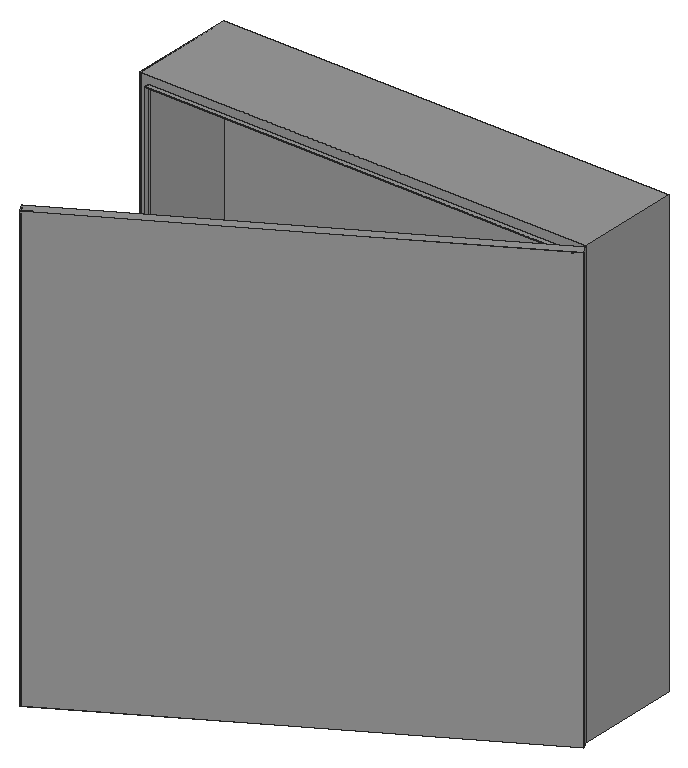
Revit family "Hager-Univers-IP54-D205-H800-Cl.II-Encl-NoHosted-PL-en", category Equipement électrique, Revit 2020
Family settings
  Configuration du panneau = Deux colonnes, circuits au sein
  Cote de connecteur circulaire = Utiliser le diamètre
  Type d'élément = Tableau de raccordement
  Basée sur le plan de construction = Oui
  Toujours verticalement = Oui
  Couper avec des vides une fois chargée = Non
  Partagée = Non
  Point de calcul de pièce = Non
Parameters (values of type "Surface mounted (plaster) IP54 W800 H800 D205  - FP53SW2")
  Width Control [instance] = if([EF000008 - Width] > Min Width, [EF000008 - Width], Min Width)  # 800 mm
  Commentaires du type = [HG000003 - Range]  # "Univers"
  Thickness Door [instance] = if([EF009171 - Material plate thickness door/cover] > 3 mm, 3 mm, [EF009171 - Material plate thickness door/cover])  # 1 mm
  Seal Frame Offset [instance] = 17 mm  # constant formula
  Plinth Visibility [instance] = [HG000027 - Plinth height] > 0 mm  # no
  Min Width [instance] = 100 mm  # constant formula
  Min Depth [instance] = (2 * [EF009170 - Material plate thickness cabinet]) + 1 mm  # 3 mm
  Min Height [instance] = 100 mm  # constant formula
  Internal Frame Depth [instance] = (Door System Depth * 0.5)  # 9 mm
  Panel Name [instance] = ""  # (empty or 0)
  Model = ""
  HG000027 - Plinth height = 0 mm
  HG000026 - Floor standing = no
  HG000024 - Bottom section height = 600 mm
  HG000023 - Double section enclosure = no
  HG000016 - Door 3d visibility [instance] = yes
  HG000015 - Clearance visibility [instance] = no
  HG000014 - Door on the right [instance] = yes
  HG000013 - Door on the left [instance] = not([HG000014 - Door on the right])  # no
  HG000012 - Door swing angle [instance] = 30.00°
  HG000010 - Asymmetric doors = no
  HG000009 - Double swing door = no
  HG000006 - Flush mounted = no
  HG000004 - Manufacturer reference = "FP53SW2"
  HG000003 - Range = "Univers"
  HG000002 - With door or cover = yes
  Frame Offset Bottom [instance] = 10 mm  # constant formula
  Frame Offset [instance] = 15 mm  # constant formula
  EF015940 - Cover with overpressure release = no
  EF011959 - Degree of protection (NEMA) = ""
  EF009554 - Number of openings for flange plates = 6
  EF009212 - Cover model = "EV000116 - Closed"
  EF009171 - Material plate thickness door/cover = 1 mm
  EF009170 - Material plate thickness cabinet = 1 mm
  EF008873 - Nominal current (In) = 250 A
  EF007800 - Suitable for lightning protection = no
  EF006306 - With lock = no
  EF006244 - Transparent cover/door = no
  EF005474 - Degree of protection (IP) = "EV006419 - IP54"
  EF004464 - Type of door = "EV002646 - Single"
  EF004427 - Number of modules = 180
  EF004293 - Impact strength = "EV006815 - IK09"
  EF003532 - Suitable for outdoor use = no
  EF002950 - Width in number of modular spacings = 36
  EF001613 - Circuit integrity = "EV000494 - None"
  EF001596 - Material housing = "EV000179 - Steel"
  EF001131 - Internal depth = 130 mm
  EF001088 - Extension possible = yes
  EF000437 - Number of conduit inlets = 6
  EF000339 - Type of cover = "EV004216 - Door"
  EF000266 - Number of rows = 5
  EF000218 - Built-in depth = 205 mm
  EF000118 - With mounting plate = no
  EF000116 - RAL-number = "9010"
  EF000049 - Depth = 205 mm
  EF000040 - Height = 800 mm
  EF000008 - Width = 800 mm
  EF000007 - Colour = "EV000202 - White"
  EF000003 - Mounting method = "EV000384 - Surface mounted (plaster)"
  Door System Leaf Tolerance [instance] = 1.5 mm  # constant formula
  Door System Depth [instance] = 18 mm  # constant formula
  Door Height [instance] = Height Control - [HG000027 - Plinth height]  # 800 mm
  Description = ""
  Default Elevation = 1219.2 mm
  Connector Offset [instance] = Height Control / 2  # 400 mm
  Fabricant = "Hager"  # constant formula
  Height Control [instance] = if([EF000040 - Height] > Min Height, [EF000040 - Height], Min Height)  # 800 mm
  Depth Control [instance] = if([EF000049 - Depth] > Min Depth, [EF000049 - Depth], Min Depth)  # 205 mm
  Bottom Top Plate Trim [instance] = 1.5 mm  # constant formula
  Plinth height Ctrl [instance] = if([HG000027 - Plinth height] > 0 mm, [HG000027 - Plinth height], 12 mm)  # 12 mm
Types (5, lengths in mm): name | Width Control | HG000010 - Asymmetric doors | HG000009 - Double swing door | HG000004 - Manufacturer reference | EF009554 - Number of openings for flange plates | EF004464 - Type of door | EF004427 - Number of modules | EF002950 - Width in number of modular spacings | EF000437 - Number of conduit inlets | EF000339 - Type of cover | EF000008 - Width
  Surface mounted (plaster) IP54 W1050 H800 D205  - FP54SW2 | 1050 | no | yes | "FP54SW2" | 8 | "EV003602 - Double" | 240 | 48 | 8 | "EV004216 - Door" | 1050
  Surface mounted (plaster) IP54 W1300 H800 D205  - FP55SW2 | 1300 | yes | yes | "FP55SW2" | 10 | "EV003602 - Double" | 300 | 60 | 10 | "EV004216 - Door" | 1300
  Surface mounted (plaster) IP54 W300 H800 D205  - FP51SW2 | 300 | no | no | "FP51SW2" | 2 | "EV002646 - Single" | 60 | 12 | 2 | "EV001012 - Cover" | 300
  Surface mounted (plaster) IP54 W550 H800 D205  - FP52SW2 | 550 | no | no | "FP52SW2" | 4 | "EV002646 - Single" | 120 | 24 | 4 | "EV001012 - Cover" | 550
  Surface mounted (plaster) IP54 W800 H800 D205  - FP53SW2 | 800 | no | no | "FP53SW2" | 6 | "EV002646 - Single" | 180 | 36 | 6 | "EV004216 - Door" | 800
Reference planes
  plane 1 "Center (Front/Back)": y = 0
  plane 2: z = 0
  plane 3 "Center (Left/Right)": x = 0
  plane 4: y = 0
  plane 5: y = 0
  plane 6: z = 0
  plane 7: x = -400
  plane 8: x = 400
  plane 9: x = 399
  plane 10: x = -399
  plane 11: z = 0
  plane 12: z = 1
  plane 13: y = -205
  plane 14: y = -1
  plane 15: x = 0
  plane 16: y = -187
  plane 17: y = -204
  plane 18: y = -186
  plane 19: x = -384
  plane 20: x = 384
  plane 21: z = 11
  plane 22: x = -383
  plane 23: x = 383
  plane 24: z = 0
  plane 25: z = 800
  plane 26: z = 800
  plane 27: z = 784
  plane 28: z = 799
Forms (mm)
  Extrusion 1, solid, material "Hager_Steel_RAL7035_Light_Grey", detail levels medium+fine
    sketch origin (-208.679, -4572, 0) x (-1, 0, 0) y (0, -1, 0)
      loop
        line (191.321, -4385) -> (-608.679, -4385) -> (-608.679, -4572) -> (191.321, -4572) -> (191.321, -4385)
    from 0 to 800
  Extrusion 2, void
    sketch origin (-350.771, -205, 1219.2) x (1, 0, 0) y (0, 0, 1)
      loop
        line (-48.229, -420.2) -> (-48.229, -1218.2) -> (749.771, -1218.2) -> (749.771, -420.2) -> (-48.229, -420.2)
    from -19 to -204
  Extrusion 3, void
    sketch origin (-290.084, -187, 1219.2) x (1, 0, 0) y (0, 0, 1)
      loop
        line (-93.916, -1208.2) -> (674.084, -1208.2) -> (674.084, -435.2) -> (-93.916, -435.2) -> (-93.916, -1208.2)
    from 0 to -1
  Extrusion 4, solid, material "Hager_Steel_RAL7035_Light_Grey", visible <- "Plinth Visibility", detail levels medium+fine
    sketch origin (0, 0, 0) x (1, 0, 0) y (0, 1, 0)
      loop
        line (-400, 0) -> (-400, -187) -> (400, -187) -> (400, 0) -> (-400, 0)
    from 0 to 12 <- "Plinth height Ctrl"
  Extrusion 5, solid, material "Hager_Steel_RAL7035_Light_Grey", detail levels coarse
    sketch origin (0, 0, 0) x (1, 0, 0) y (0, 1, 0)
      loop
        line (-400, 0) -> (-400, -205) -> (400, -205) -> (400, 0) -> (-400, 0)
    from 0 to 800 <- "Height Control"
  Sweep 6, void
    path in 3D
      loop
        line (-400, -187, 12) -> (400, -187, 12) -> (400, 0, 12) -> (-400, 0, 12) -> (-400, -187, 12)
    profile origin (-400, -93.5, 12) x (1, 0, 0) y (0, 0, 1)
      loop
        line (0, 0) -> (0, -1.5) -> (1.5, -1.5)
        arc (1.5, -1.5) -> (1.061, -0.439) -> (0, 0) r 1.5
  Extrusion 7, solid, material "Hager_Steel_RAL7035_Light_Grey", detail levels fine
    sketch origin (-400, -187, 0) x (1, 0, 0) y (0, 0, 1)
      loop
        line (16, 11) -> (784, 11) -> (784, 784) -> (16, 784) -> (16, 11)
      loop
        line (15, 10) -> (785, 10) -> (785, 785) -> (15, 785) -> (15, 10)
    from 0 to 9 <- "Internal Frame Depth"
Cuts and joins
  Extrusion 2, Extrusion 3 cuts Extrusion 1
  Sweep 6 cuts Extrusion 4
Lines and regions (mm)
  Masking region 1
    outline origin (0, 0, 0) x (1, 0, 0) y (0, 1, 0)
      loop
        line (-400, 0) -> (-400, -205) -> (400, -205) -> (400, 0) -> (-400, 0)
  Masking region 2, detail levels coarse
    outline origin (-290.084, -187, 1219.2) x (-1, 0, 0) y (0, 0, 1)
      loop
        line (-690.084, -1219.2) -> (109.916, -1219.2) -> (109.916, -419.2) -> (-690.084, -419.2) -> (-690.084, -1219.2)
  Masking region 3, detail levels coarse
    outline origin (0, 0, 0) x (0, 1, 0) y (0, 0, 1)
      loop
        line (0, 0) -> (0, 800) -> (-205, 800) -> (-205, 0) -> (0, 0)
  Masking region 4, visible <- "Plinth Visibility", detail levels medium+fine
    outline origin (0, 0, 0) x (0, 1, 0) y (0, 0, 1)
      loop
        line (-1.5, 12) -> (-185.5, 12)
        arc (-185.5, 12) -> (-185.939, 10.939) -> (-187, 10.5) r 1.5
        line (-187, 10.5) -> (-187, 0) -> (0, 0) -> (0, 10.5)
        arc (0, 10.5) -> (-1.061, 10.939) -> (-1.5, 12) r 1.5
  Masking region 5, detail levels medium+fine
    outline origin (0, 0, 594.038) x (0, 1, 0) y (0, 0, 1)
      loop
        line (0, -594.038) -> (0, 205.962) -> (-187, 205.962) -> (-187, -594.038) -> (0, -594.038)
  Masking region 6, detail levels medium+fine
    outline origin (-359.7, -187, 1211.883) x (-1, 0, 0) y (0, 0, 1)
      loop
        line (-759.7, -1211.883) -> (40.3, -1211.883) -> (40.3, -411.883) -> (-759.7, -411.883) -> (-759.7, -1211.883)
  Masking region 7, visible <- "Plinth Visibility", detail levels medium+fine
    outline origin (-320.334, -187, 1041.368) x (-1, 0, 0) y (0, 0, 1)
      loop
        line (-720.334, -1041.368) -> (79.666, -1041.368) -> (79.666, -1030.868)
        arc (79.666, -1030.868) -> (78.606, -1030.429) -> (78.166, -1029.368) r 1.5
        line (78.166, -1029.368) -> (-718.834, -1029.368)
        arc (-718.834, -1029.368) -> (-719.273, -1030.429) -> (-720.334, -1030.868) r 1.5
        line (-720.334, -1030.868) -> (-720.334, -1041.368)
  sketch lines
    curve 1: line (-400, 0, 12) -> (-400, -187, 12)
    curve 2: line (-400, -187, 12) -> (400, -187, 12)
    curve 3: line (400, 0, 12) -> (-400, 0, 12)
    curve 4: line (400, -187, 12) -> (400, 0, 12)
Dimensions and locks
  locked: plane 1 "Center (Front/Back)" to plane 5
  "EF009170 - Material plate thickness cabinet": plane 7 to plane 10
  "EF009170 - Material plate thickness cabinet": plane 8 to plane 9
  equal spacing: plane 7, plane 3 "Center (Left/Right)", plane 8
  "Width Control": plane 7 to plane 8
  "Depth Control": plane 4 to plane 13
  "EF009170 - Material plate thickness cabinet": plane 4 to plane 14
  "Height Control": plane 25 to level
  "HG000027 - Plinth height": plane 11 to level
  "EF009170 - Material plate thickness cabinet": plane 12 to plane 11
  "EF009170 - Material plate thickness cabinet": plane 17 to plane 13
  "EF009170 - Material plate thickness cabinet": plane 18 to plane 16
  "Frame Offset Bottom": plane 21 to plane 12
  "Frame Offset": plane 10 to plane 19
  "Frame Offset": plane 9 to plane 20
  "Door System Depth": plane 16 to plane 13
  "Seal Frame Offset": plane 7 to plane 22
  "Seal Frame Offset": plane 8 to plane 23
  "EF009170 - Material plate thickness cabinet": plane 26 to plane 28
  "Frame Offset": plane 28 to plane 27
  "Connector Offset": plane 2 to connector elem
  "Bottom Top Plate Trim": profile plane to Sweep 6 sketch curve
  "Bottom Top Plate Trim": Sweep 6 sketch curve to Sweep 6 sketch curve
  "Plinth height Ctrl": Masking region 4 sketch curve to level
  "Plinth height Ctrl": Masking region 7 sketch curve to level
  "Thickness Door": Extrusion 7 sketch curve to Extrusion 7 sketch curve  (x4)
  "Bottom Top Plate Trim": radius of Sweep 6 sketch curve
  "Bottom Top Plate Trim": radius of Masking region 4 sketch curve  (x2)
  "Bottom Top Plate Trim": radius of Masking region 7 sketch curve  (x2)
  aligned and locked: Extrusion 2 sketch curve to plane 12
  aligned and locked: Extrusion 2 sketch curve to plane 9
  aligned and locked: Extrusion 2 sketch curve to plane 10
  aligned and locked: Extrusion 2 to plane 14
  aligned and locked: Extrusion 1 sketch curve to plane 4
  aligned and locked: plane 8 to Extrusion 1 sketch curve
  aligned and locked: plane 7 to Extrusion 1 sketch curve
  aligned and locked: Extrusion 2 to plane 18
  aligned and locked: Extrusion 3 sketch curve to plane 19
  aligned and locked: plane 20 to Extrusion 3 sketch curve
  aligned and locked: Extrusion 3 to Extrusion 2
  aligned and locked: Extrusion 3 sketch curve to plane 21
  aligned and locked: plane 3 "Center (Left/Right)" to nested 1
  aligned and locked: Extrusion 1 sketch curve to plane 16
  aligned and locked: Extrusion 4 sketch curve to cut or joined group of Extrusion 1, Extrusion 2, Extrusion 3
  aligned and locked: Masking region 1 sketch curve to plane 7
  aligned and locked: Masking region 1 sketch curve to plane 5
  aligned and locked: Masking region 1 sketch curve to plane 8
  aligned and locked: Masking region 2 sketch curve to level
  aligned and locked: level to Masking region 3 sketch curve
  aligned and locked: plane 1 "Center (Front/Back)" to Masking region 3 sketch curve
  aligned and locked: plane 13 to Masking region 3 sketch curve
  aligned and locked: plane 5 to Masking region 4 sketch curve
  aligned and locked: Masking region 2 sketch curve to plane 8
  aligned and locked: Masking region 2 sketch curve to plane 7
  aligned and locked: plane 7 to nested 2
  aligned and locked: nested 2 to plane 5
  aligned and locked: plane 5 to Masking region 5 sketch curve
  aligned and locked: plane 26 to Masking region 5 sketch curve
  aligned and locked: Extrusion 5 sketch curve to plane 8
  aligned and locked: Extrusion 5 sketch curve to plane 7
  aligned and locked: Extrusion 5 sketch curve to plane 5
  aligned and locked: Extrusion 3 sketch curve to plane 27
  aligned and locked: Extrusion 2 sketch curve to plane 28
  aligned and locked: Masking region 2 to plane 25
  aligned and locked: Extrusion 4 to plane 16
  aligned and locked: profile plane to Sweep 6 sketch curve
  aligned and locked: Masking region 5 sketch curve to plane 24
  aligned and locked: level to Masking region 4 sketch curve
  aligned and locked: Masking region 1 to plane 13
  aligned and locked: nested 1 to plane 16
  aligned and locked: Masking region 3 to plane 25
  aligned and locked: plane 16 to Masking region 4 sketch curve
  aligned and locked: Masking region 5 sketch curve to plane 16
  aligned and locked: plane 24 to plane 11
  aligned and locked: plane 26 to plane 25
  aligned and locked: plane 26 to cut or joined group of Extrusion 1, Extrusion 2, Extrusion 3
  aligned and locked: nested 1 to plane 24
  aligned and locked: Extrusion 1 to Extrusion 3
  aligned and locked: Masking region 6 sketch curve to plane 8
  aligned and locked: Masking region 6 sketch curve to plane 24
  aligned and locked: Masking region 6 sketch curve to plane 7
  aligned and locked: Masking region 6 sketch curve to plane 26
  aligned and locked: Masking region 7 sketch curve to plane 7
  aligned and locked: level to Masking region 7 sketch curve
  aligned and locked: Masking region 7 sketch curve to plane 8
  aligned and locked: Extrusion 7 sketch curve to cut or joined group of Extrusion 1, Extrusion 2, Extrusion 3  (x4)
Automatic sketch dimensions
  plane 19 to Extrusion 3 sketch curve = 0 mm
  Extrusion 3 sketch curve to plane 20 = 0 mm
  Extrusion 3 sketch curve to plane 21 = 0 mm
  Extrusion 4 sketch curve to plane 7 = 0 mm
  Extrusion 4 sketch curve to plane 8 = 0 mm
  Extrusion 4 sketch curve to plane 16 = 0 mm
  Masking region 1 sketch curve to plane 13 = 0 mm
  Masking region 2 sketch curve to plane 25 = 0 mm
  Masking region 3 sketch curve to plane 25 = 0 mm
  Extrusion 5 sketch curve to plane 13 = 0 mm
  profile plane to Sweep 6 sketch curve = 0 mm
Nested families
  nested 1: "EC000058_Univers_Door" at (0, -187, 0), Double <- "HG000009 - Double swing door", Transparent <- "EF006244 - Transparent cover/door", Angle <- "HG000012 - Door swing angle", Door_Right <- "HG000014 - Door on the right", Assymetrical <- "HG000010 - Asymmetric doors", Door <- "HG000002 - With door or cover", Width_Ctrl <- "Width Control", 3d_Door <- "HG000016 - Door 3d visibility", Clearance <- "HG000015 - Clearance visibility", Door_Left <- "HG000013 - Door on the left", Width <- "Width Control", Door_Depth <- "Door System Depth", Leaf_Tolerance <- "Door System Leaf Tolerance", Height <- "Door Height", Lock_Visibility <- "EF006306 - With lock", Thickness <- "Thickness Door", type "EC000058_Univers_Door", detail levels medium+fine
    with min_wh 3 mm, Width_Ctrl 800 mm, Width 800 mm, Transparent no, Thickness 1 mm, Seal_Material Hager_Rubber, Lock_Visibility no, Lock_Material Hager_Plastic_RAL9005_Jet_Black, Leaf_Width 800 mm, Leaf_Tolerance_External_Sides 0 mm, Leaf_Tolerance 1.5 mm, Leaf_Offset 0 mm, Leaf_Height 797 mm, Leaf_2_Width 800 mm, Leaf_2_Offset 400 mm, Leaf_1_Width 800 mm, Leaf_1_Offset 400 mm, Height_Ctrl 800 mm, Height 800 mm, Glass_Material Hager_Glass, Double_Clearance_Ctrl no, Double no, Door_Right_Ctrl yes, Door_Right yes, Door_Material Hager_Steel_RAL7035_Light_Grey, Door_Left_Ctrl no, Door_Left no, Door_Depth 18 mm, Door yes, Clearance_Material Hager_Clearance, Clearance_Depth 800 mm, Clearance_Ctrl no, Clearance no, Assymetrical no, Angle 30.00°, 3d_Door yes
  nested 2: "Hager_Enclosure_Symbol" at (-400, 0, 0), Height <- "Depth Control", Width <- "Width Control", type "Hager_Enclosure_Symbol"
    with Width_Ctrl 800 mm, Width 800 mm, Height_Ctrl 205 mm, Height 205 mm, A_Width_Int 13.453 mm, A_Width 161.438 mm, A_Height_Ctrl 179.375 mm, A_Height 179.375 mm
Connectors
  electrical at (0, 0, 400)
    settings: on plane 1 "Center (Front/Back)", index 1, voltage 0 V, apparent load 0 VA, apparent load phase1 0 VA, apparent load phase2 0 VA, apparent load phase3 0 VA, power factor 1, load classification "Other", number of poles 1, system type 30, power factor state 1, is connector primary yes, connector utility no, sub classification motor no, connector description ""
Definition of nested family "EC000058_Univers_Door"
  Parameters (values of type "EC000058_Univers_Door")
    min_wh [instance] = (2 * Thickness) + 1 mm  # 11 mm
    Width_Ctrl [instance] = 400 mm
    Width [instance] = 500 mm
    Transparent [instance] = yes
    Thickness [instance] = 5 mm
    Seal_Material [instance] = none
    Lock_Visibility [instance] = yes
    Lock_Material [instance] = none
    Leaf_Width [instance] = if((Width_Ctrl - 2 * Leaf_Tolerance_External_Sides) > 0 mm, (Width_Ctrl - 2 * Leaf_Tolerance_External_Sides), min_wh)  # 400 mm
    Leaf_Tolerance_External_Sides [instance] = 0 mm  # constant formula
    Leaf_Tolerance [instance] = 1.5 mm
    Leaf_Offset [instance] = 0 mm  # constant formula
    Leaf_Height [instance] = if((Height_Ctrl - 2 * Leaf_Tolerance) > 0 mm, (Height_Ctrl - 2 * Leaf_Tolerance), min_wh)  # 497 mm
    Leaf_2_Width [instance] = if(and(and(Double, Assymetrical), Door_Left), (Leaf_Width / 3) - (Leaf_Tolerance / 2), if(and(and(Double, Assymetrical), Door_Right), (Leaf_Width / 3) * 2 - (Leaf_Tolerance / 2), if(and(Double, not(Assymetrical)), (Leaf_Width / 2) - Leaf_Tolerance, Leaf_Width)))  # 400 mm
    Leaf_2_Offset [instance] = if(and(Double, Assymetrical), Leaf_2_Width / 2, if(and(Double, not(Assymetrical)), Leaf_Width / 4, Leaf_Width / 2))  # 200 mm
    Leaf_1_Width [instance] = if(and(and(Double, Assymetrical), Door_Right), (Leaf_Width / 3) - (Leaf_Tolerance / 2), if(and(and(Double, Assymetrical), Door_Left), (Width / 3) * 2 - (Leaf_Tolerance / 2), if(and(Double, not(Assymetrical)), (Leaf_Width / 2) - Leaf_Tolerance, Leaf_Width)))  # 400 mm
    Leaf_1_Offset [instance] = if(and(Double, Assymetrical), Leaf_1_Width / 2, if(and(Double, not(Assymetrical)), Leaf_Width / 4, Leaf_Width / 2))  # 200 mm
    Height_Ctrl [instance] = if(Height > min_wh, Height, min_wh)  # 500 mm
    Height [instance] = 500 mm
    Glass_Material [instance] = none
    Double_Clearance_Ctrl [instance] = and(Double, Clearance)  # no
    Double [instance] = no
    Door_Right_Ctrl [instance] = and(or(Door_Right, Double), Door)  # yes
    Door_Right [instance] = yes
    Door_Material [instance] = none
    Door_Left_Ctrl [instance] = and(or(Door_Left, Double), Door)  # no
    Door_Left [instance] = no
    Door_Depth [instance] = 30 mm
    Door [instance] = yes
    Default Elevation = 1219.2 mm
    Clearance_Material [instance] = none
    Clearance_Depth [instance] = if(Leaf_1_Width > Leaf_2_Width, Leaf_1_Width, Leaf_2_Width)  # 400 mm
    Clearance_Ctrl [instance] = and(not(Double), Clearance)  # yes
    Clearance [instance] = yes
    Assymetrical [instance] = yes
    Angle [instance] = 30.00°
    3d_Door [instance] = yes
  Reference planes
    plane 1 "Center (Front/Back)": y = 0
    plane 2 "Bottom": z = 0
    plane 3 "Center (Left/Right)": x = 0
    plane 4: z = 500
    plane 5: x = -200
    plane 6: x = 200
    plane 7: z = 500
    plane 8: x = -200
    plane 9: z = 0
    plane 10: x = 200
    plane 11: y = 0
    plane 12: z = 1.5
    plane 13: x = -600
    plane 14: y = -400
    plane 15: x = 600
    plane 16: x = 0
    plane 17: x = 0
    plane 18: x = -200
    plane 19: x = 200
    plane 20: z = 498.5
  Forms (mm)
    Extrusion 1, solid, material <- "Clearance_Material", visible <- "Double_Clearance_Ctrl"
      sketch origin (1200, 0, 0) x (1, 0, 0) y (0, 0, -1)
        loop
          line (-1800, -498.5) -> (-600, -498.5) -> (-600, 0) -> (-1800, 0) -> (-1800, -498.5)
      from 0 to -400
  Dimensions and locks
    equal spacing: plane 5, plane 3 "Center (Left/Right)", plane 6
    "Width_Ctrl": plane 5 to plane 6
    "Leaf_Offset": plane 5 to plane 8
    "Leaf_Offset": plane 6 to plane 10
    "Leaf_Offset": plane 9 to level
    "Leaf_Offset": plane 4 to plane 7
    "Height_Ctrl": plane 4 to level
    "Leaf_Tolerance": plane 12 to plane 9
    locked: plane 11 to plane 1 "Center (Front/Back)"
    "Leaf_1_Offset": plane 18 to plane 16
    "Leaf_2_Offset": plane 17 to plane 19
    "Leaf_1_Width": plane 13 to plane 8
    "Leaf_2_Width": plane 10 to plane 15
    "Clearance_Depth": plane 14 to plane 1 "Center (Front/Back)"
    "Leaf_Tolerance_External_Sides": plane 8 to plane 18
    "Leaf_Tolerance_External_Sides": plane 19 to plane 10
    "Leaf_Tolerance": plane 7 to plane 20
    aligned and locked: level to plane 2 "Bottom"
    aligned and locked: nested 1 to plane 16
    aligned and locked: nested 2 to plane 17
    aligned and locked: Extrusion 1 to plane 13
    aligned and locked: plane 15 to Extrusion 1
    aligned and locked: Extrusion 1 to plane 14
    aligned and locked: plane 12 to nested 1
    aligned and locked: nested 2 to plane 12
    aligned and locked: Extrusion 1 to plane 11
    aligned and locked: plane 20 to Extrusion 1
    aligned and locked: nested 2 to plane 11
    aligned and locked: nested 1 to plane 11
  Automatic sketch dimensions
    Extrusion 1 sketch curve to level = 0 mm
    plane 5 to Extrusion 1 sketch curve = 400 mm
    plane 6 to Extrusion 1 sketch curve = 400 mm
    Extrusion 1 sketch curve to plane 4 = 1.5 mm
  Nested families
    nested 1: "EC000058_Univers_Door_Leaf" at (0, 0, 1.5), Width <- "Leaf_1_Width", visible <- "Door_Left_Ctrl", Leaf_Height <- "Leaf_Height", Angle <- "Angle", 3d_Door <- "3d_Door", Transparent <- "Transparent", Clearance Material <- "Clearance_Material", Clearance <- "Clearance_Ctrl", Door_Material <- "Door_Material", Glass_Material <- "Glass_Material", Door_Depth <- "Door_Depth", Lock_Material <- "Lock_Material", Seal_Material <- "Seal_Material", Lock_Visibility <- "Lock_Visibility", Thickness <- "Thickness", type "EC000058_Univers_Door_Leaf"
      with Width 400 mm, Transparent_Glass_Offset 30 mm, Transparent_Ctrl yes, Transparent yes, Thickness 5 mm, Standard no, Seal_Material none, Seal_D2 8 mm, Seal_D1 1 mm, Offset_Internal_Frame 10 mm, Lock_Width 20 mm, Lock_Visibility_3d yes, Lock_Visibility yes, Lock_Thickness_3 3 mm, Lock_Thickness_2 1 mm, Lock_Thickness_1 3 mm, Lock_Radius_Offset_2 16 mm, Lock_Radius_Offset_1 15 mm, Lock_Radius_2 5 mm, Lock_Radius 6 mm, Lock_Offset 5 mm, Lock_Material none, Lock_Height 80 mm, Lock_Cover_Top_Offset_2d 17 mm, Lock_Cover_Height -65 mm, Leaf_Height 497 mm, Internal_Seal_Thickness 8 mm, Internal_Seal_Depth_2 4.5 mm, Internal_Frame_Depth 25 mm, Glass_Thickness -1 mm, Glass_Offset -2 mm, Glass_Material none, Door_Material none, Door_Depth 30 mm, Clearance Material none, Clearance yes, Angle_Ctrl 30.00°, Angle 30.00°, 3d_Door yes
    nested 2: "EC000058_Univers_Door_Leaf" at (0, 0, 1.5) x (-1, 0, 0) z (0, 0, 1), Width <- "Leaf_2_Width", visible <- "Door_Right_Ctrl", Leaf_Height <- "Leaf_Height", Angle <- "Angle", 3d_Door <- "3d_Door", Transparent <- "Transparent", Clearance Material <- "Clearance_Material", Clearance <- "Clearance_Ctrl", Door_Material <- "Door_Material", Glass_Material <- "Glass_Material", Door_Depth <- "Door_Depth", Lock_Material <- "Lock_Material", Seal_Material <- "Seal_Material", Lock_Visibility <- "Lock_Visibility", Thickness <- "Thickness", type "EC000058_Univers_Door_Leaf"
      with Width 400 mm, Transparent_Glass_Offset 30 mm, Transparent_Ctrl yes, Transparent yes, Thickness 5 mm, Standard no, Seal_Material none, Seal_D2 8 mm, Seal_D1 1 mm, Offset_Internal_Frame 10 mm, Lock_Width 20 mm, Lock_Visibility_3d yes, Lock_Visibility yes, Lock_Thickness_3 3 mm, Lock_Thickness_2 1 mm, Lock_Thickness_1 3 mm, Lock_Radius_Offset_2 16 mm, Lock_Radius_Offset_1 15 mm, Lock_Radius_2 5 mm, Lock_Radius 6 mm, Lock_Offset 5 mm, Lock_Material none, Lock_Height 80 mm, Lock_Cover_Top_Offset_2d 17 mm, Lock_Cover_Height -65 mm, Leaf_Height 497 mm, Internal_Seal_Thickness 8 mm, Internal_Seal_Depth_2 4.5 mm, Internal_Frame_Depth 25 mm, Glass_Thickness -1 mm, Glass_Offset -2 mm, Glass_Material none, Door_Material none, Door_Depth 30 mm, Clearance Material none, Clearance yes, Angle_Ctrl 30.00°, Angle 30.00°, 3d_Door yes
  Definition of nested family "EC000058_Univers_Door_Leaf"
    Parameters (values of type "EC000058_Univers_Door_Leaf")
      Width [instance] = 2000 mm
      Transparent_Glass_Offset [instance] = 30 mm
      Transparent_Ctrl [instance] = and(Transparent, [3d_Door])  # yes
      Transparent [instance] = yes
      Thickness [instance] = 5 mm
      Standard [instance] = and(not(Transparent), [3d_Door])  # no
      Seal_Material [instance] = none
      Seal_D2 [instance] = 8 mm  # constant formula
      Seal_D1 [instance] = 1 mm  # constant formula
      Offset_Internal_Frame [instance] = 10 mm  # constant formula
      Lock_Width [instance] = 20 mm  # constant formula
      Lock_Visibility_3d [instance] = and(Lock_Visibility, [3d_Door])  # yes
      Lock_Visibility [instance] = yes
      Lock_Thickness_3 [instance] = 3 mm  # constant formula
      Lock_Thickness_2 [instance] = 1 mm  # constant formula
      Lock_Thickness_1 [instance] = 3 mm  # constant formula
      Lock_Radius_Offset_2 [instance] = Lock_Radius_Offset_1 + 1 mm  # 16 mm
      Lock_Radius_Offset_1 [instance] = 15 mm  # constant formula
      Lock_Radius_2 [instance] = Lock_Radius - 1 mm  # 5 mm
      Lock_Radius [instance] = 6 mm  # constant formula
      Lock_Offset [instance] = 5 mm  # constant formula
      Lock_Material [instance] = none
      Lock_Height [instance] = 80 mm  # constant formula
      Lock_Cover_Top_Offset_2d [instance] = Lock_Radius_Offset_2 + 1 mm  # 17 mm
      Lock_Cover_Height [instance] = -(Lock_Height - Lock_Radius_Offset_1)  # -65 mm
      Leaf_Height [instance] = 2720.336 mm
      Internal_Seal_Thickness [instance] = 8 mm  # constant formula
      Internal_Seal_Depth_2 [instance] = 4.5 mm  # constant formula
      Internal_Frame_Depth [instance] = if(Door_Depth - Thickness > 5 mm, Door_Depth - Thickness, 5 mm)  # 25 mm
      Glass_Thickness [instance] = if(Thickness > 15 mm, Glass_Offset + 10 mm, -1 mm)  # -1 mm
      Glass_Offset [instance] = if(Thickness > 15 mm, -(Thickness + 10 mm) / 2, -2 mm)  # -2 mm
      Glass_Material [instance] = none
      Door_Material [instance] = none
      Door_Depth [instance] = 30 mm
      Default Elevation = 0 mm
      Clearance Material [instance] = none
      Clearance [instance] = yes
      Angle_Ctrl [instance] = if(Angle > 180.00°, 180.00°, Angle)  # 90.00°
      Angle [instance] = 90.00°
      3d_Door [instance] = yes
    Reference planes
      plane 1 "Center (Front/Back)": y = 0
      plane 2: z = 0
      plane 3 "Center (Left/Right)": x = 0
      plane 4: y = 2000
      plane 5: x = -1000
      plane 6: x = 1000
      plane 7: x = -3000
      plane 8: z = 2720.336
      plane 9: z = 30
      plane 10: z = 2690.336
      plane 11: x = 970
      plane 12: x = -970
      plane 13: y = -3
      plane 14: z = 107.833
      plane 15: y = -5
      plane 16: y = -223.314
      plane 17: x = -1000
      plane 18: z = 1360.168
      plane 19: y = 30
    Forms (mm)
      Extrusion 1, solid, material <- "Clearance Material", visible <- "Clearance"
        sketch origin (0, 0, 0) x (1, 0, 0) y (0, 0, 1)
          loop
            line (-3000, 2720.336) -> (-3000, 0) -> (1000, 0) -> (1000, 2720.336) -> (-3000, 2720.336)
        from 0 to -2000
      Extrusion 2, solid, material <- "Door_Material", visible <- "Standard", detail levels medium+fine
        sketch origin (-1000, 0, 0) x (0, 1, 0) y (-1, 0, 0)
          loop
            line (0, 30) -> (0, 25) -> (2000, 25) -> (2000, 30) -> (0, 30)
        from 0 to 2720.336 <- "Leaf_Height"
      Extrusion 3, solid, material <- "Door_Material", visible <- "Transparent_Ctrl", detail levels medium+fine
        sketch origin (-1000, 0, 0) x (0, 1, 0) y (-1, 0, 0)
          loop
            line (0, 25) -> (2000, 25) -> (2000, 30) -> (0, 30) -> (0, 25)
        from 0 to 2720.336 <- "Leaf_Height"
      Extrusion 4, void
        sketch origin (-1025, 2000, 0) x (0, 1, 0) y (0, 0, -1)
          loop
            line (-30, -2690.336) -> (-30, -30) -> (-1970, -30) -> (-1970, -2690.336) -> (-30, -2690.336)
        from 0 to 5 <- "Thickness"
      Sweep 5, solid, material <- "Seal_Material", visible <- "Transparent_Ctrl", detail levels fine
        path in 3D
          loop
            line (-1025, 30, 30) -> (-1025, 30, 2690.336) -> (-1025, 1970, 2690.336) -> (-1025, 1970, 30) -> (-1025, 30, 30)
        profile origin (-1025, 1000, 30) x (1, 0, 0) y (0, 0, 1)
          loop
            line (0, 0) -> (0, -8) -> (1, -8) -> (1, 0) -> (0, 0)
      Extrusion 6, solid, material <- "Glass_Material", visible <- "Transparent_Ctrl", detail levels medium+fine
        sketch origin (-1030, 0, 0) x (0, 1, 0) y (0, 0, -1)
          loop
            line (1970, -2690.336) -> (1970, -30) -> (30, -30) -> (30, -2690.336) -> (1970, -2690.336)
        from -2 <- "Glass_Offset" to -1 <- "Glass_Thickness"
      Extrusion 7, solid, material <- "Door_Material", visible <- "3d_Door", detail levels medium+fine
        sketch origin (-1025, 2000, 0) x (0, -1, 0) y (0, 0, -1)
          loop
            line (0, -2720.336) -> (2000, -2720.336) -> (2000, 0) -> (0, 0) -> (0, -2720.336)
          loop
            line (1995, -5) -> (5, -5) -> (5, -2715.336) -> (1995, -2715.336) -> (1995, -5)
        from 0 to 25 <- "Internal_Frame_Depth"
      Sweep 8, solid, material <- "Seal_Material", visible <- "Transparent_Ctrl", detail levels fine
        path in 3D
          loop
            line (-1025, 0, 0) -> (-1025, 2000, 0) -> (-1025, 2000, 2720.336) -> (-1025, 0, 2720.336) -> (-1025, 0, 0)
        profile origin (-1025, 0, 1360.168) x (1, 0, 0) y (0, 1, 0)
          loop
            line (0, 10) -> (2.975, 10)
            arc (2.975, 10) -> (4.053, 10.447) -> (4.5, 11.525) r 1.525
            line (4.5, 11.525) -> (4.5, 16.527)
            arc (4.5, 16.527) -> (4.069, 17.569) -> (3.027, 18) r 1.473
            line (3.027, 18) -> (0, 18) -> (0, 10)
      Extrusion 9, solid, material <- "Lock_Material", visible <- "Lock_Visibility_3d", detail levels fine
        sketch origin (-1030, 0, 0) x (0, 1, 0) y (0, 0, -1)
          loop
            arc (1993.5, -1400.168) -> (1994.561, -1399.729) -> (1995, -1398.668) r 1.5
            line (1995, -1398.668) -> (1995, -1320.168) -> (1975, -1320.168) -> (1975, -1398.668)
            arc (1975, -1398.668) -> (1975.439, -1399.729) -> (1976.5, -1400.168) r 1.5
            line (1976.5, -1400.168) -> (1993.5, -1400.168)
        from 3 <- "Lock_Thickness_1" to 0
      Blend 10, solid, material <- "Lock_Material", visible <- "Lock_Visibility_3d", detail levels fine
        base sketch origin (-1033, 0, 0) x (0, 1, 0) y (0, 0, -1)
          loop
            line (1975, -1320.168) -> (1975, -1398.668)
            arc (1975, -1398.668) -> (1975.439, -1399.729) -> (1976.5, -1400.168) r 1.5
            line (1976.5, -1400.168) -> (1993.5, -1400.168)
            arc (1993.5, -1400.168) -> (1994.561, -1399.729) -> (1995, -1398.668) r 1.5
            line (1995, -1398.668) -> (1995, -1320.168) -> (1975, -1320.168)
        top sketch origin (-1033, 0, 0) x (0, 1, 0) y (0, 0, -1)
          loop
            line (1976, -1320.168) -> (1976, -1398.668)
            arc (1976, -1398.668) -> (1976.146, -1399.022) -> (1976.5, -1399.168) r 0.5
            line (1976.5, -1399.168) -> (1993.5, -1399.168)
            arc (1993.5, -1399.168) -> (1993.854, -1399.022) -> (1994, -1398.668) r 0.5
            line (1994, -1398.668) -> (1994, -1320.168) -> (1976, -1320.168)
        from 0 to 1 <- "Lock_Thickness_2"
      Blend 11, solid, material <- "Lock_Material", visible <- "Lock_Visibility_3d", detail levels fine
        base sketch origin (-1034, 0, 0) x (0, 1, 0) y (0, 0, -1)
          loop
            line (1978, -1320.168) -> (1978, -1384.168)
            arc (1978, -1384.168) -> (1985, -1391.168) -> (1992, -1384.168) r 7
            line (1992, -1384.168) -> (1992, -1320.168) -> (1978, -1320.168)
        top sketch origin (-1034, 0, 0) x (0, 1, 0) y (0, 0, -1)
          loop
            line (1991, -1320.168) -> (1979, -1320.168) -> (1979, -1383.168)
            arc (1979, -1383.168) -> (1985, -1389.168) -> (1991, -1383.168) r 6
            line (1991, -1383.168) -> (1991, -1320.168)
        from 0 to 3 <- "Lock_Thickness_3"
      Extrusion 12, solid, material <- "Lock_Material", visible <- "Lock_Visibility_3d", detail levels fine
        sketch origin (-1030, 1975, 1320.168) x (1, 0, 0) y (0, -1, 0)
          loop
            line (-7, -19) -> (-7, -1) -> (0, -1) -> (0, 0) -> (-8, 0) -> (-8, -20) -> (0, -20) -> (0, -19) -> (-7, -19)
        from 0 to -65 <- "Lock_Cover_Height"
      Extrusion 13, void
        sketch origin (-1038, 1995, 1320.168) x (-1, 0, 0) y (0, 0, -1)
          loop
            line (-5, -65) -> (0, -65) -> (-5, -60) -> (-5, -65)
        from 0 to 20 <- "Lock_Width"
      Extrusion 14, void
        sketch origin (-1038, 1975, 1320.168) x (0, -1, 0) y (0, 0, -1)
          loop
            circle (-10, -15.995) r 6
          loop
            circle (-10, -15.995) r 5
        from 0 to 2
      Extrusion 15, solid, material <- "Lock_Material", visible <- "Lock_Visibility_3d", detail levels medium
        sketch origin (-1030, 0, 0) x (0, 1, 0) y (0, 0, -1)
          loop
            arc (1993.5, -1400.168) -> (1994.561, -1399.729) -> (1995, -1398.668) r 1.5
            line (1995, -1398.668) -> (1995, -1320.168) -> (1975, -1320.168) -> (1975, -1398.668)
            arc (1975, -1398.668) -> (1975.439, -1399.729) -> (1976.5, -1400.168) r 1.5
            line (1976.5, -1400.168) -> (1993.5, -1400.168)
        from 8 to 0
    Cuts and joins
      Extrusion 4 cuts Extrusion 3
      Extrusion 13, Extrusion 14 cuts Extrusion 9
      Extrusion 14 cuts Blend 11
      Extrusion 13, Extrusion 14 cuts Extrusion 12
      joined: Extrusion 9, Blend 10, Blend 11, Extrusion 12
      Extrusion 14 cuts Extrusion 15
    Lines and regions (mm)
      Masking region 1, visible <- "Lock_Visibility", detail levels fine
        outline origin (0, 0, 0) x (0, 1, 0) y (0, 0, 1)
          loop
            line (30, 1320.168) -> (33, 1320.168) -> (33, 1400.168) -> (30, 1400.168) -> (30, 1320.168)
      Masking region 2, visible <- "Lock_Visibility", detail levels fine
        outline origin (0, 3.143, 0) x (0, 1, 0) y (0, 0, 1)
          loop
            line (29.857, 1354.168) -> (30.857, 1354.168) -> (30.857, 1366.168) -> (29.857, 1366.168) -> (29.857, 1354.168)
      Masking region 3, detail levels medium+fine
        outline origin (0, 0, 0) x (0, 1, 0) y (0, 0, 1)
          loop
            line (0, 0) -> (30, 0) -> (30, 2720.336) -> (0, 2720.336) -> (0, 0)
      Masking region 4, detail levels medium+fine
        outline origin (0, 0, 0) x (1, 0, 0) y (0, 0, 1)
          loop
            line (-1000, 2720.336) -> (-1000, 0) -> (1000, 0) -> (1000, 2720.336) -> (-1000, 2720.336)
      Masking region 5, visible <- "Lock_Visibility", detail levels fine
        outline origin (-47.116, 0, 0) x (1, 0, 0) y (0, 0, 1)
          loop
            arc (1024.616, 1399.168) -> (1023.556, 1398.729) -> (1023.116, 1397.668) r 1.5
            line (1023.116, 1397.668) -> (1023.116, 1320.168) -> (1041.116, 1320.168) -> (1041.116, 1397.668)
            arc (1041.116, 1397.668) -> (1040.677, 1398.729) -> (1039.616, 1399.168) r 1.5
            line (1039.616, 1399.168) -> (1024.616, 1399.168)
      Masking region 6, visible <- "Lock_Visibility", detail levels medium+fine
        outline origin (-25, 0, 0) x (1, 0, 0) y (0, 0, 1)
          loop
            arc (1001.5, 1400.168) -> (1000.439, 1399.729) -> (1000, 1398.668) r 1.5
            line (1000, 1398.668) -> (1000, 1320.168) -> (1020, 1320.168) -> (1020, 1398.668)
            arc (1020, 1398.668) -> (1019.561, 1399.729) -> (1018.5, 1400.168) r 1.5
            line (1018.5, 1400.168) -> (1001.5, 1400.168)
      Masking region 7, visible <- "Lock_Visibility", detail levels fine
        outline origin (-73.735, 0, 0) x (1, 0, 0) y (0, 0, 1)
          loop
            line (1051.735, 1382.168) -> (1065.735, 1382.168) -> (1065.735, 1384.168)
            arc (1065.735, 1384.168) -> (1058.735, 1391.168) -> (1051.735, 1384.168) r 7
            line (1051.735, 1384.168) -> (1051.735, 1382.168)
      Masking region 8, visible <- "Lock_Visibility", detail levels fine
        outline origin (-73.735, 0, 0) x (1, 0, 0) y (0, 0, 1)
          loop
            line (1052.735, 1382.168) -> (1064.735, 1382.168) -> (1064.735, 1383.168)
            arc (1064.735, 1383.168) -> (1058.735, 1389.168) -> (1052.735, 1383.168) r 6
            line (1052.735, 1383.168) -> (1052.735, 1382.168)
      Masking region 9, visible <- "Lock_Visibility", detail levels fine
        outline origin (-25, 0, 0) x (1, 0, 0) y (0, 0, 1)
          loop
            line (1020, 1320.168) -> (1020, 1382.168) -> (1000, 1382.168) -> (1000, 1320.168) -> (1020, 1320.168)
      Masking region 10, detail levels medium+fine
        outline origin (0, 0, 0) x (1, 0, 0) y (0, 0, 1)
          loop
            circle (985, 1335.144) r 6
      Masking region 11, detail levels fine
        outline origin (0, 0, 0) x (1, 0, 0) y (0, 0, 1)
          loop
            circle (985, 1335.144) r 5
      Masking region 12, visible <- "Lock_Visibility", detail levels fine
        outline origin (0, 12.767, 0) x (0, 1, 0) y (0, 0, 1)
          loop
            line (20.233, 1320.168) -> (21.233, 1320.168) -> (21.233, 1399.168) -> (20.233, 1400.168) -> (20.233, 1320.168)
      Masking region 13, visible <- "Lock_Visibility", detail levels fine
        outline origin (0, 13.767, -10) x (0, 1, 0) y (0, 0, 1)
          loop
            line (20.233, 1330.168) -> (23.233, 1330.168) -> (23.233, 1399.168) -> (20.233, 1402.168) -> (20.233, 1330.168)
      Masking region 14, visible <- "Lock_Visibility", detail levels fine
        outline origin (0, 12.767, -10) x (0, 1, 0) y (0, 0, 1)
          loop
            line (20.233, 1330.168) -> (25.233, 1330.168) -> (25.233, 1399.305) -> (20.233, 1394.305) -> (20.233, 1330.168)
      Masking region 15, visible <- "Lock_Visibility", detail levels medium
        outline origin (0, 0, 0) x (0, 1, 0) y (0, 0, 1)
          loop
            line (30, 1320.168) -> (38, 1320.168) -> (38, 1400.168) -> (30, 1400.168) -> (30, 1320.168)
      Masking region 16, visible <- "Lock_Visibility", detail levels fine
        outline origin (-1000, 0, 0) x (0, 1, 0) y (-1, 0, 0)
          loop
            line (1975, 30) -> (1995, 30) -> (1995, 38) -> (1975, 38) -> (1975, 30)
          loop
            line (1979, 37) -> (1976, 37) -> (1976, 34) -> (1978, 34) -> (1979, 37)
          loop
            line (1994, 37) -> (1991, 37) -> (1992, 34) -> (1994, 34) -> (1994, 37)
      Masking region 17, visible <- "Lock_Visibility", detail levels medium
        outline origin (-1000, 0, 0) x (0, 1, 0) y (-1, 0, 0)
          loop
            line (1975, 30) -> (1995, 30) -> (1995, 38) -> (1975, 38) -> (1975, 30)
      symbolic lines
        curve 1: line (1000, 0, 0) -> (-3000, 0, 0)
        curve 2: arc (1000, 0, 0) -> (-1000, 2000, 0) -> (-3000, 0, 0) r 2000
        curve 4: line (-1030, 0, 0) -> (-1030, 2000, 0)
      reference lines
        curve 3: line (-1000, 0, 0) -> (-1000, 2000, 0)
      symbolic lines, detail levels medium+fine
        curve 5: line (-1030, 2000, 0) -> (-1025, 2000, 0)
        curve 7: line (-1025, 0, 0) -> (-1030, 0, 0)
        curve 8: line (-1025, 0, 0) -> (-1000, 0, 0)
        curve 9: line (-1000, 0, 0) -> (-1000, 2000, 0)
        curve 10: line (-1000, 2000, 0) -> (-1025, 2000, 0)
      symbolic lines, detail levels fine
        curve 6: line (-1025, 2000, 0) -> (-1025, 0, 0)
      sketch lines
        curve 11: line (-1025, 0, 2720.336) -> (-1025, 0, 0)
        curve 12: line (-1025, 2000, 0) -> (-1025, 0, 0)
        curve 13: line (-1025, 2000, 2720.336) -> (-1025, 2000, 0)
        curve 14: line (-1025, 0, 2720.336) -> (-1025, 2000, 2720.336)
        curve 15: line (-1025, 1970, 30) -> (-1025, 30, 30)
        curve 16: line (-1025, 30, 30) -> (-1025, 30, 2690.336)
        curve 17: line (-1025, 1970, 2690.336) -> (-1025, 1970, 30)
        curve 18: line (-1025, 30, 2690.336) -> (-1025, 1970, 2690.336)
      symbolic lines, visible <- "Transparent", detail levels medium+fine
        curve 19: line (-970, 0, 2690.336) -> (970, 0, 2690.336)
        curve 20: line (-970, 0, 30) -> (-970, 0, 2690.336)
        curve 21: line (970, 0, 30) -> (-970, 0, 30)
        curve 22: line (970, 0, 2690.336) -> (970, 0, 30)
    Dimensions and locks
      "Width": plane 1 "Center (Front/Back)" to plane 4
      equal spacing: plane 5, plane 3 "Center (Left/Right)", plane 6
      "Width": plane 5 to plane 6
      "Width": plane 7 to plane 5
      "Leaf_Height": plane 8 to level
      "Width": curve 5 to curve 3
      "Width": curve 3 to curve 3
      plane 8 to plane 10 = 30 mm
      plane 9 to level = 30 mm
      plane 12 to plane 5 = 30 mm
      plane 6 to plane 11 = 30 mm
      Extrusion 1 to Extrusion 4 sketch curve = 30 mm
      "Transparent_Glass_Offset": curve 3 to Extrusion 4 sketch curve
      "Transparent_Glass_Offset": Extrusion 4 sketch curve to cut or joined group of Extrusion 3, Extrusion 4  (x2)
      cut or joined group of Extrusion 3, Extrusion 4 to Extrusion 6 sketch curve = 30 mm
      "Transparent_Glass_Offset": cut or joined group of Extrusion 3, Extrusion 4 to Extrusion 4 sketch curve
      "Thickness": curve 6 to curve 4
      "Thickness": Extrusion 7 sketch curve to Extrusion 7 sketch curve  (x4)
      "Door_Depth": curve 4 to curve 3
      "Offset_Internal_Frame": profile plane to Sweep 8 sketch curve
      "Internal_Seal_Thickness": Sweep 8 sketch curve to Sweep 8 sketch curve
      "Internal_Seal_Depth_2": profile plane to Sweep 8 sketch curve
      "Seal_D1": profile plane to Sweep 5 sketch curve
      "Seal_D2": profile plane to Sweep 5 sketch curve
      "Thickness": Extrusion 2 sketch curve to Extrusion 2 sketch curve
      equal spacing: Extrusion 9 sketch curve, plane 18, Extrusion 9 sketch curve  (x2)
      equal spacing: Masking region 1 sketch curve, plane 18, Masking region 1 sketch curve
      "Lock_Height": Masking region 1 sketch curve to Masking region 1 sketch curve
      "Lock_Radius": Masking region 2 sketch curve to plane 18 to Masking region 2 sketch curve
      Masking region 2 sketch curve to Masking region 1 = 1 mm
      "Door_Depth": plane 19 to plane 1 "Center (Front/Back)"
      "Lock_Thickness_1": Masking region 1 sketch curve to plane 19
      "Lock_Width": Extrusion 9 sketch curve to Extrusion 9 sketch curve
      "Lock_Height": Extrusion 9 sketch curve to Extrusion 9 sketch curve
      "Lock_Offset": cut or joined group of Extrusion 3, Extrusion 4 to Extrusion 9 sketch curve
      equal spacing: plane 8, plane 18, level
      "Lock_Radius_Offset_1": Blend 11 sketch curve to Blend 10
      locked: Blend 10 to Blend 11 sketch curve at 2  (x2)
      locked: var sketch to Blend 11 sketch curve at 1  (x2)
      "Lock_Radius_Offset_2": Blend 11 sketch curve to Blend 10
      locked: Extrusion 12 sketch curve to Extrusion 12 sketch curve at 1  (x3)
      Masking region 6 sketch curve to Masking region 6 sketch curve = 80 mm
      "Lock_Height": Masking region 6 sketch curve to Masking region 6 sketch curve
      "Lock_Width": Masking region 6 sketch curve to Masking region 6 sketch curve
      locked: Masking region 6 to Masking region 5 sketch curve at 1  (x3)
      locked: Masking region 5 to Masking region 7 sketch curve at 2  (x2)
      "Lock_Radius_Offset_1": Masking region 5 to Masking region 7 sketch curve
      "Lock_Radius_Offset_2": Masking region 5 to Masking region 8 sketch curve
      locked: Masking region 7 to Masking region 8 sketch curve at 1  (x2)
      "Lock_Cover_Top_Offset_2d": Masking region 5 to Masking region 9 sketch curve
      equal spacing: Masking region 9, Masking region 10 sketch curve, Masking region 9
      equal spacing: Masking region 9, Masking region 11 sketch curve, Masking region 9
      Extrusion 15 sketch curve to Extrusion 15 sketch curve = 80 mm
      "Lock_Width": Extrusion 15 sketch curve to Extrusion 15 sketch curve
      "Lock_Height": Extrusion 15 sketch curve to Extrusion 15 sketch curve
      equal spacing: Extrusion 15 sketch curve, plane 18, Extrusion 15 sketch curve
      "Lock_Thickness_3": Masking region 13 sketch curve to Masking region 13 sketch curve
      "Lock_Height": Masking region 12 sketch curve to Masking region 12 sketch curve
      locked: Masking region 13 sketch curve to Masking region 1 at 8
      locked: Masking region 14 sketch curve to Masking region 13 at 1
      locked: Masking region 14 sketch curve to Masking region 1 at 10.863
      "Lock_Height": Masking region 15 sketch curve to Masking region 15 sketch curve
      "Lock_Offset": Extrusion 15 sketch curve to cut or joined group of Extrusion 3, Extrusion 4
      "Lock_Offset": plane 6 to Masking region 6 sketch curve
      radius of Sweep 8 sketch curve = 1.525 mm
      radius of Sweep 8 sketch curve = 1.473 mm
      radius of Extrusion 9 sketch curve = 1.5 mm  (x2)
      "Lock_Radius": radius of Extrusion 14 sketch curve
      "Lock_Radius_2": radius of Extrusion 14 sketch curve
      "Lock_Radius": radius of Masking region 10 sketch curve
      "Lock_Radius_2": radius of Masking region 11 sketch curve
      radius of Extrusion 15 sketch curve = 1.5 mm  (x2)
      "Angle_Ctrl": angle plane 1 "Center (Front/Back)" to curve 3
      locked: Masking region 12 sketch curve to Masking region 12 sketch curve (angle 45.00°)
      locked: Masking region 13 sketch curve to Masking region 13 sketch curve (angle 45.00°)
      locked: Masking region 14 sketch curve to Masking region 14 sketch curve (angle 45.00°)
      aligned and locked: level to plane 2
      aligned and locked: Extrusion 1 to curve 1
      aligned and locked: plane 6 to Extrusion 1
      aligned and locked: Extrusion 1 to plane 1 "Center (Front/Back)"
      aligned and locked: plane 4 to Extrusion 1
      aligned and locked: plane 8 to Extrusion 1
      aligned and locked: curve 7 to Extrusion 2 sketch curve
      aligned and locked: curve 5 to Extrusion 2 sketch curve
      aligned and locked: curve 7 to Extrusion 3 sketch curve
      aligned and locked: Extrusion 3 sketch curve to curve 4
      aligned and locked: Extrusion 3 sketch curve to curve 6
      aligned and locked: Extrusion 3 sketch curve to curve 5
      aligned and locked: curve 9 to curve 3
      aligned and locked: Extrusion 7 sketch curve to cut or joined group of Extrusion 3, Extrusion 4  (x4)
      aligned and locked: plane 17 to curve 3
      aligned and locked: plane 1 "Center (Front/Back)" to curve 3
      aligned and locked: plane 17 to plane 5
      aligned and locked: Sweep 8 sketch curve to profile plane
      aligned and locked: Sweep 5 sketch curve to profile plane  (x2)
      aligned and locked: Masking region 1 to Masking region 2 sketch curve
      aligned and locked: plane 19 to Masking region 1 sketch curve
      aligned and locked: plane 1 "Center (Front/Back)" to Masking region 3 sketch curve
      aligned and locked: plane 19 to Masking region 3 sketch curve
      aligned and locked: level to Masking region 3 sketch curve
      aligned and locked: Masking region 3 sketch curve to plane 8
      aligned and locked: plane 17 to Masking region 4 sketch curve
      aligned and locked: level to Masking region 4 sketch curve
      aligned and locked: Masking region 4 sketch curve to plane 8
      aligned and locked: plane 12 to curve 20
      aligned and locked: plane 10 to curve 19
      aligned and locked: plane 11 to curve 22
      aligned and locked: curve 21 to plane 9
      aligned and locked: Extrusion 2 sketch curve to cut or joined group of Extrusion 3, Extrusion 4
      aligned and locked: Blend 10 sketch curve to Extrusion 9  (x4)
      aligned and locked: Extrusion 9 to Blend 10 sketch curve
      aligned and locked: Blend 10 to Blend 11 sketch curve
      aligned and locked: Extrusion 12 sketch curve to Blend 11
      aligned and locked: Extrusion 12 sketch curve to Extrusion 9  (x4)
      aligned and locked: Masking region 5 sketch curve to Masking region 6
      aligned and locked: Masking region 9 sketch curve to Masking region 6  (x3)
      aligned and locked: Masking region 12 sketch curve to Masking region 1
      aligned and locked: Masking region 13 sketch curve to Masking region 1
      aligned and locked: Masking region 12 to Masking region 14
      aligned and locked: Masking region 14 sketch curve to Masking region 1
      aligned and locked: Masking region 15 sketch curve to Masking region 14
      aligned and locked: Masking region 13 sketch curve to Masking region 12
      aligned and locked: Masking region 16 sketch curve to cut or joined group of Extrusion 14, Extrusion 15  (x4)
      aligned and locked: Masking region 16 sketch curve to cut or joined group of Extrusion 9, Blend 10, Blend 11, Extrusion 12, Extrusion 13, Extrusion 14  (x6)
      aligned and locked: cut or joined group of Extrusion 9, Blend 10, Blend 11, Extrusion 12, Extrusion 13, Extrusion 14 to Masking region 16 sketch curve
      aligned and locked: Masking region 17 sketch curve to cut or joined group of Extrusion 14, Extrusion 15  (x3)
      aligned and locked: Masking region 17 sketch curve to cut or joined group of Extrusion 9, Blend 10, Blend 11, Extrusion 12, Extrusion 13, Extrusion 14
      aligned and locked: Masking region 9 to Masking region 8 sketch curve
      aligned and locked: Masking region 9 to Masking region 7 sketch curve
    Automatic sketch dimensions
      plane 1 "Center (Front/Back)" to curve 2 = 0 mm
      curve 2 to plane 5 = 0 mm
      Extrusion 1 sketch curve to level = 0 mm
      Extrusion 1 sketch curve to plane 7 = 0 mm
      Extrusion 1 sketch curve to plane 6 = 0 mm
      Extrusion 1 sketch curve to plane 8 = 0 mm
      Extrusion 3 to Extrusion 6 sketch curve = 30 mm  (x4)
      Masking region 4 sketch curve to plane 6 = 0 mm
      Blend 10 sketch curve to Extrusion 9 = 1.5 mm
      Blend 10 sketch curve to Extrusion 9 = 1 mm
      Extrusion 13 sketch curve to Extrusion 12 = 0 mm  (x2)
      Extrusion 12 to Extrusion 13 sketch curve = 3 mm
      Extrusion 13 sketch curve to Extrusion 12 = 5 mm
      Extrusion 14 sketch curve to Extrusion 14 sketch curve = 0 mm  (x2)
      Extrusion 14 sketch curve to Extrusion 12 = 10 mm
      Extrusion 14 sketch curve to Extrusion 12 = 15.995 mm
      Masking region 5 sketch curve to Masking region 5 sketch curve = 1.5 mm  (x2)
      Masking region 10 sketch curve to plane 18 = 25.024 mm
      Masking region 11 sketch curve to plane 18 = 25.024 mm
      plane 19 to Masking region 14 sketch curve = 3 mm
      Masking region 16 sketch curve to Masking region 16 sketch curve = 3 mm
      curve 4 to curve 3 = 0 mm
      Blend 10 to Blend 11 sketch curve = 0 mm
      Masking region 6 sketch curve to Masking region 6 sketch curve = 1.5 mm  (x2)
      Masking region 6 sketch curve to plane 18 = 40 mm
      plane 19 to Masking region 12 sketch curve = 3 mm
      Masking region 12 sketch curve to Masking region 12 sketch curve = 1 mm
      Masking region 15 sketch curve to plane 19 = 0 mm
      Masking region 15 sketch curve to plane 18 = 40 mm
      radius of Blend 10 sketch curve to Extrusion 9 = 1 mm
Definition of nested family "Hager_Enclosure_Symbol"
  Parameters (values of type "Hager_Enclosure_Symbol")
    Width_Ctrl [instance] = if(Width > 1 mm, Width, 1 mm)  # 102.27 mm
    Width [instance] = 102.27 mm
    Height_Ctrl [instance] = if(Height > 1 mm, Height, 1 mm)  # 66.5 mm
    A_Width_Int [instance] = if(A_Width / 12 > 2 mm, A_Width / 12, 2 mm)  # 4.364 mm
    A_Width [instance] = if(A_Height_Ctrl * 0.9 > 2 mm, A_Height_Ctrl * 0.9, 2 mm)  # 52.369 mm
    A_Height_Ctrl [instance] = if(A_Height > 2 mm, A_Height, 2 mm)  # 58.188 mm
    Height [instance] = 66.5 mm
    A_Height [instance] = Height - (Height / 8)  # 58.188 mm
  Reference planes
    plane 1 "Centre (avant/arrière)": y = 0
    plane 2: z = 0
    plane 3 "Centre (gauche/droite)": x = 0
    plane 4: x = 52.369
    plane 5: y = 33.042
    plane 6: y = 41.77
    plane 7: y = 66.5
    plane 8: x = 26.184
    plane 9: y = 37.406
    plane 10: x = 102.27
    plane 11: y = 66.5
    plane 12: y = 8.313
  Lines and regions (mm)
    Filled region 1, type "Solid_Black", in view "Niveau de réf."
      outline origin (0, 0, 0) x (1, 0, 0) y (0, 1, 0)
        loop
          line (52.369, 66.5) -> (33.188, 54.536) -> (45.365, 45.006) -> (52.369, 66.5)
    Filled region 2, type "Solid_Black", in view "Niveau de réf."
      outline origin (0, 0, 0) x (1, 0, 0) y (0, 1, 0)
        loop
          line (0, 0) -> (102.27, 0) -> (102.27, 66.5) -> (0, 0)
    detail lines, in view "Niveau de réf."
      curve 1: line (0, 8.313, 0) -> (26.184, 41.77, 0)
      curve 2: line (26.184, 41.77, 0) -> (26.184, 33.042, 0)
      curve 3: line (26.184, 33.042, 0) -> (52.369, 66.5, 0)
  Dimensions and locks
    "A_Width": plane 3 "Centre (gauche/droite)" to plane 4
    equal spacing: plane 3 "Centre (gauche/droite)", plane 8, plane 4
    equal spacing: plane 6, plane 9, plane 5
    equal spacing: curve 3, Filled region 1 sketch curve, Filled region 1 sketch curve
    "Height_Ctrl": plane 1 "Centre (avant/arrière)" to plane 11
    "A_Height_Ctrl": plane 11 to plane 12
    equal spacing: plane 11, plane 9, plane 12
    "A_Width_Int": plane 6 to plane 9
    "Width_Ctrl": plane 3 "Centre (gauche/droite)" to plane 10
    angle Filled region 1 sketch curve to curve 3 = 20.00°
    angle curve 3 to Filled region 1 sketch curve = 20.00°
    locked: curve 3 to Filled region 1 sketch curve (angle 90.00°)
    aligned and locked: plane 10 to Filled region 2
    aligned and locked: plane 11 to Filled region 2 sketch curve
    aligned and locked: plane 10 to Filled region 2 sketch curve
    aligned and locked: plane 3 "Centre (gauche/droite)" to curve 1
    aligned and locked: plane 12 to curve 1
    aligned and locked: plane 7 to plane 11
  Automatic sketch dimensions
    Filled region 1 sketch curve to plane 4 = 0 mm
    Filled region 1 sketch curve to plane 7 = 0 mm
    plane 1 "Centre (avant/arrière)" to Filled region 2 sketch curve = 0 mm
    Filled region 2 sketch curve to plane 3 "Centre (gauche/droite)" = 0 mm
    curve 2 to plane 6 = 0 mm
    curve 2 to plane 8 = 0 mm
    curve 3 to plane 4 = 0 mm
    curve 2 to plane 5 = 0 mm
    curve 3 to plane 7 = 0 mm
